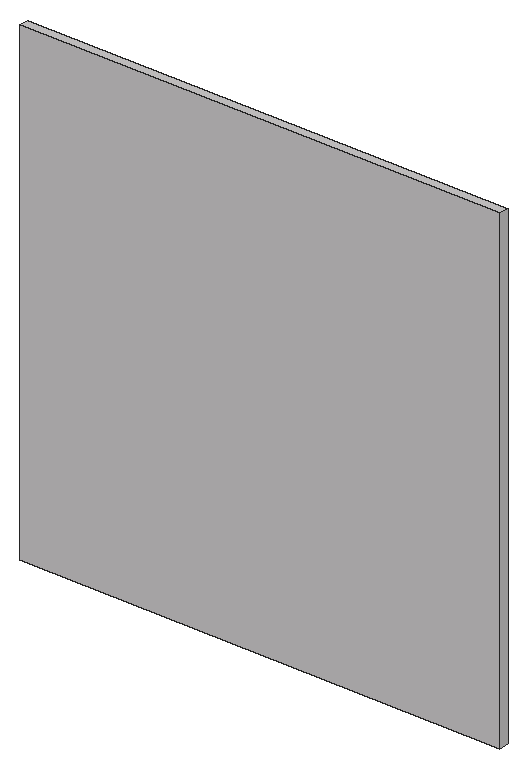
Revit family "PISO PARED HEXAGONO CEMENTO CU_267021501", category Modelos genéricos, Revit 2024
Family settings
  Puede alojar armadura = No
  Cota de conector redondo = Usar diámetro
  Tipo de pieza = Normal
  Se basa en plano de trabajo = No
  Siempre vertical = Sí
  Corte con vacíos al cargar = No
  Mantener orientación de anotación = No
  Compartido = No
  Punto de cálculo de habitación = No
Parameters
  Elevación por defecto = 0 mm
Reference planes
  plane 1 "Center (Front/Back)": y = 0
  plane 2: z = 0
  plane 3 "Center (Left/Right)": x = 0
Forms (mm)
  Extrusion 1, solid, material "Analytical Panels"
    sketch origin (0, 0, 0) x (1, 0, 0) y (0, 1, 0)
      loop
        line (-1366.384, -136.448) -> (-1366.384, -194.576) -> (1633.616, -194.576) -> (1633.616, -136.448) -> (-1366.384, -136.448)
    from 0 to 3000
Dimensions and locks
  Extrusion 1 sketch curve to Extrusion 1 sketch curve = 58.128 mm
  Extrusion 1 to Extrusion 1 = 3000 mm  (x2)
  aligned and locked: level to plane 2
